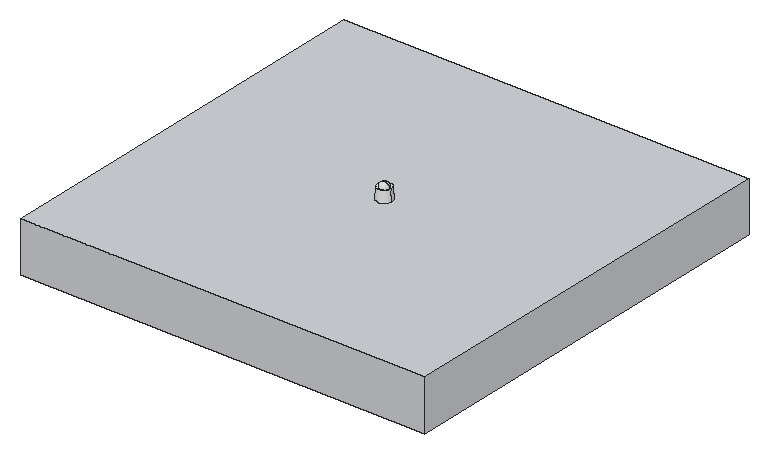
Revit family "Legrand_Lighting_Management_Standalone_Motion_Sensor_360D_Adjustable_Wall", category Dispositifs d'éclairage, Revit 2020
Family settings
  Hôte = Face
  Conserver l'orientation des annotations = Oui
  Cote de connecteur circulaire = Utiliser le diamètre
  Type d'élément = Normal
  Couper avec des vides une fois chargée = Non
  Partagée = Non
  Point de calcul de pièce = Non
Parameters
  Voltage type = "AC"
  URL = "http://www.legrandoc.com/048898"
  Temperature (MIN) (°C) = 0
  Temperature (MAX) (°C) = 55
  Suitable for wireless transmission = "no"
  Substation input = "no"
  Response value sensitivity adjustable = "no"
  Response value luminosity adjustable = "yes"
  Response value luminosity (MIN) (lx) = 10
  Response value luminosity (MAX) (lx) = 4000
  Remote operation = "no"
  RAL-number (akin) = "9016"
  Product ID = "048898"
  Nominal voltage (V) = "230"
  Mounting method = "Surface mounted (plaster)"
  Model = "Movement sensor"
  Min. switch-on time (s) = "12"
  Maximum mounting height (m) = "4"
  Max. switching power (W) = 1000
  Max. starting current (A) = "4.2"
  Max. duty cycle (mn) = "16"
  Label [instance] = no
  Indication distance [instance] = 12 mm
  Image du type = PH3.jpg
  HVAC-control = "no"
  General Conditions of Use = "https://export.legrand.com/en/terms-of-use-BIM-objects"
  Frequency (MIN) (Hz) = 50
  Frequency (MAX) (Hz) = 60
  Forced switch off = "no"
  Fabricant = "LEGRAND"
  Elévation par défaut = 2500 mm
  ETIM-5.0 Class = "EC000133"
  Dim function with dimmer basic element = "no"
  Detection zone [instance] = no
  Detection angle horizontal (MIN) (°) = 0
  Detection angle horizontal (MAX) (°) = 360
  Description = "PIR WATERPROOF MOTION SENSOR 360 DEGREES WHITE BLISTER"
  Degree of protection (IP) = "IP55"
  Constant light control = "yes"
  Colour = "White"
  Code d'assemblage = "D5010200"
  Alarm function = "no"
Reference planes
  plane 1 "Centre (avant/arrière)": y = 0
  plane 2: z = 0
  plane 3 "Centre (gauche/droite)": x = 0
Forms (mm)
  Extrusion 1, solid
    sketch origin (0, 0, 0) x (1, 0, 0) y (0, 1, 0)
      loop
        line (-1219.2, 1219.2) -> (-1219.2, -1219.2) -> (1219.2, -1219.2) -> (1219.2, 1219.2) -> (-1219.2, 1219.2)
    from 0 to -304.8
Dimensions and locks
  aligned and locked: plane 2 to Extrusion 1
  aligned and locked: level to Extrusion 1
  aligned and locked: nested 1 to plane 2
  aligned and locked: plane 3 "Centre (gauche/droite)" to nested 1
  aligned and locked: plane 1 "Centre (avant/arrière)" to nested 1
Nested families
  nested 1: "048898" at (0, 0, 0), type "048898"
  nested 2: "Symbole D" at (0, 0, 0), type "Symbole D"
  nested 3: "Zone de detection 12mx6m- plan" at (0, 0, 0) x (0, 0, 1) z (0, -1, 0), visible <- "Detection zone", type "Zone de detection 12mx6m- plan"
  nested 4: "Détection 90° EN" at (0, 213.614, 0), visible <- "Label", Indication distance <- "Indication distance", type "Détection 90° EN"
    with Indication distance 12 mm
Connectors
  electrical at (0, 0, 0)
    settings: on nested 1, index 1, voltage 230 V, apparent load 0 VA, apparent load phase1 0 VA, apparent load phase2 0 VA, apparent load phase3 0 VA, power factor 1, load classification "Autre", number of poles 1, system type 31, power factor state 1, is connector primary yes, connector utility no, sub classification motor no, connector description ""
Definition of nested family "048898"
  Parameters (values of type "048898")
    Default Elevation = 0 mm
  Reference planes
    plane 1 "Centre (avant/arrière)": y = 0
    plane 2: z = 0
    plane 3 "Centre (gauche/droite)": x = 0
  Forms (mm)
    Revolve 1, solid
      sketch origin (0, 0, 0) x (-1, 0, 0) y (0, 0, -1)
        loop
          line (0, 0) -> (0, -65.2) -> (41, -65.2)
          arc (41, -65.2) -> (43.378, -32.633) -> (44.526, 0) r 865.317
          line (44.526, 0) -> (0, 0)
        axis (0, 0) -> (0, -65.2)
      angle from 0 to 360
    Revolve 2, solid
      sketch origin (0, 0, 0) x (-1, 0, 0) y (0, 0, -1)
        loop
          arc (0, -91.691) -> (18.988, -83.722) -> (27.988, -65.2) r 29.184
          line (27.988, -65.2) -> (0, -65.2) -> (0, -91.691)
        axis (0, -65.2) -> (0, -91.691)
      angle from 0 to 360
  Dimensions and locks
    aligned and locked: level to plane 2
Definition of nested family "Symbole D"
  Reference planes
    plane 1: y = 0
    plane 2: x = 0
  Lines and regions (mm)
    detail lines
      curve 1: spline (0.481, 2.356, 0) -> (0.429, 2.16, 0) -> (0.363, 1.989, 0) -> (0.285, 1.851, 0) -> (0.199, 1.748, 0) -> (0.106, 1.685, 0) -> (0.01, 1.664, 0) -> (-0.085, 1.685, 0) -> (-0.178, 1.748, 0) -> (-0.264, 1.851, 0) -> (-0.342, 1.989, 0) -> (-0.408, 2.16, 0) -> (-0.46, 2.356, 0)
      curve 2: arc (0.821, 3.072, 0) -> (-0.004, 3.293, 0) -> (-0.828, 3.072, 0) r 1.643
      curve 3: arc (-0.64, 2.774, 0) -> (0.004, 2.96, 0) -> (0.648, 2.774, 0) r 1.213
      curve 4: arc (-1.023, 3.436, 0) -> (0.005, 3.717, 0) -> (1.032, 3.436, 0) r 2.018
      curve 5: line (-1.042, 0.262, 0) -> (1.042, 0.262, 0)
      curve 6: arc (-0.945, 0.262, 0) -> (0, 1.008, 0) -> (0.945, 0.262, 0) r 0.972
      curve 7: line (-1.042, 0.262, 0) -> (-1.042, 0, 0)
      curve 8: line (-1.042, 0, 0) -> (1.042, 0, 0)
      curve 9: line (1.042, 0, 0) -> (1.042, 0.262, 0)
  Text (mm)
    text "IR" at (0.939, 0.64, 0)
  Dimensions and locks
    aligned and locked: plane 2 to curve 6
    aligned and locked: plane 1 to curve 8
Definition of nested family "Zone de detection 12mx6m- plan"
  Reference planes
    plane 1 "Centre (avant/arrière)": y = 0
    plane 2: z = 0
    plane 3 "Centre (gauche/droite)": x = 0
  Lines and regions (mm)
    detail lines, in view "Niveau de réf."
      curve 1: line (400, 0, 0) -> (2927.2, 2527.2, 0)
      curve 2: arc (2927.2, 2527.2, 0) -> (3011.608, 2592.038, 0) -> (3109.879, 2632.924, 0) r 409.342
      curve 3: arc (3109.879, 2632.924, 0) -> (4275.757, 2838.269, 0) -> (5456.789, 2919.538, 0) r 11211.689
      curve 4: arc (5456.789, 2919.538, 0) -> (6881.971, 2880.816, 0) -> (8298.546, 2719.687, 0) r 16564.66
      curve 5: arc (8298.546, 2719.687, 0) -> (9437.453, 2438.06, 0) -> (10511.252, 1965.428, 0) r 6820.825
      curve 6: arc (10511.252, 1965.428, 0) -> (11180.294, 1500.429, 0) -> (11735.755, 904.355, 0) r 3827.527
      curve 7: arc (11735.755, 904.355, 0) -> (11907.434, 478.025, 0) -> (11969.614, 22.653, 0) r 1864.588
      curve 8: line (3420, 2700, 0) -> (4225.336, 2208.559, 0)
      curve 9: arc (4225.336, 2208.559, 0) -> (4443.408, 1842.418, 0) -> (4602.014, 1446.869, 0) r 2737.64
      curve 10: arc (4602.014, 1446.869, 0) -> (4685.247, 1148.49, 0) -> (4749.59, 845.475, 0) r 4933.384
      curve 11: arc (4749.59, 845.475, 0) -> (4786.235, 599.45, 0) -> (4808.074, 351.671, 0) r 4149.842
      curve 12: arc (4808.074, 351.671, 0) -> (4816.531, 175.902, 0) -> (4821.522, 0, 0) r 8925.951
      curve 13: line (400, 0, 0) -> (2927.2, -2527.2, 0)
      curve 14: arc (2927.2, -2527.2, 0) -> (3011.608, -2592.038, 0) -> (3109.879, -2632.924, 0) r 409.342
      curve 15: arc (3109.879, -2632.924, 0) -> (4275.757, -2838.269, 0) -> (5456.789, -2919.538, 0) r 11211.689
      curve 16: arc (5456.789, -2919.538, 0) -> (6881.971, -2880.816, 0) -> (8298.546, -2719.687, 0) r 16564.66
      curve 17: arc (8298.546, -2719.687, 0) -> (9437.453, -2438.06, 0) -> (10511.252, -1965.428, 0) r 6820.825
      curve 18: arc (10511.252, -1965.428, 0) -> (11180.294, -1500.429, 0) -> (11735.755, -904.355, 0) r 3827.527
      curve 19: arc (11735.755, -904.355, 0) -> (11913.109, -456.094, 0) -> (11969.614, 22.653, 0) r 1864.588
      curve 20: line (3420, -2700, 0) -> (4225.336, -2208.559, 0)
      curve 21: arc (4225.336, -2208.559, 0) -> (4443.408, -1842.418, 0) -> (4602.014, -1446.869, 0) r 2737.64
      curve 22: arc (4602.014, -1446.869, 0) -> (4685.247, -1148.49, 0) -> (4749.59, -845.475, 0) r 4933.384
      curve 23: arc (4749.59, -845.475, 0) -> (4786.235, -599.45, 0) -> (4808.074, -351.671, 0) r 4149.842
      curve 24: arc (4808.074, -351.671, 0) -> (4816.531, -175.902, 0) -> (4821.522, 0, 0) r 8925.951
Definition of nested family "Détection 90° EN"
  Parameters (values of type "Détection 90° EN")
    Indication distance [instance] = 0 mm
  Reference planes
    plane 1: y = 0
    plane 2: x = 0
  Text (mm)
    label "90°, Indication distancem front detection at 2.5m height" at (-0.885, 0.234, 0), shows "Indication distance"
